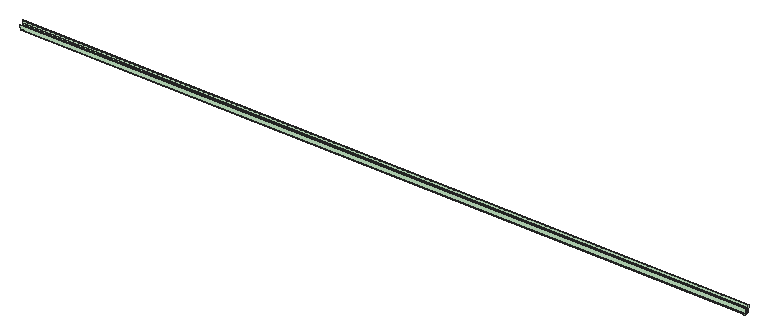
Revit family "slimrunner", category 機械設備, Revit 2022
Family settings
  丸型コネクタ寸法 = 直径を使用
  種別 = なし
  パーツ タイプ = 標準
  作業面ベース = いいえ
  常に垂直 = はい
  ロード時にボイドで切り取り = いいえ
  注釈の向きを維持 = いいえ
  共有 = いいえ
  部屋計算ポイント = いいえ
Parameters
  製造元 = "株式会社桐井製作所"
  既定の高さ = 0 mm
  URL = "https://www.kirii.co.jp/"
  K_長さ(mm) [instance] = 3000 mm
  K_外形寸法(mm) = "W13.5×H30×20×0.6"
  K_品名 = "スリムランナー"
  K_名称 = "カビノン工法部材"
  K_バージョン情報 = "20211012"
Reference planes
  plane 1 "中心(正面/背面)": y = 0
  plane 2: z = 0
  plane 3 "中心(左/右)": x = 0
  plane 4: x = 3000
  plane 5: y = -26
  plane 6: y = 26
Forms (mm)
  Extrusion 1, solid
    sketch origin (0, 0, 0) x (0, 1, 0) y (0, 0, 1)
      loop
        line (-6.293, 20.003) -> (-6.893, 20.602) -> (-6.892, 1.203)
        arc (-6.892, 1.203) -> (-6.551, 0.365) -> (-5.722, 0.003) r 1.2
        line (-5.722, 0.003) -> (5.437, 0.003)
        arc (5.437, 0.003) -> (6.306, 0.407) -> (6.602, 1.318) r 1.2
        line (6.602, 1.318) -> (5.315, 14.943) -> (6.807, 19.915) -> (6.807, 30.604) -> (6.206, 30.003) -> (6.207, 20.003) -> (4.707, 15.003) -> (6.005, 1.259)
        arc (6.005, 1.259) -> (5.858, 0.806) -> (5.428, 0.603) r 0.6
        line (5.428, 0.603) -> (-5.713, 0.603)
        arc (-5.713, 0.603) -> (-6.124, 0.786) -> (-6.293, 1.203) r 0.6
        line (-6.293, 1.203) -> (-6.293, 20.003)
    from 0 to 3000
Dimensions and locks
  "K_長さ(mm)": plane 3 "中心(左/右)" to plane 4
  aligned and locked: level to plane 2
  aligned and locked: plane 4 to Extrusion 1
  aligned and locked: Extrusion 1 to plane 4  (x2)
Automatic sketch dimensions
  Extrusion 1 sketch curve to Extrusion 1 sketch curve = 0 mm  (x6)
  plane 1 "中心(正面/背面)" to Extrusion 1 sketch curve = 6.893 mm
  Extrusion 1 sketch curve to Extrusion 1 sketch curve = 0.599 mm  (x2)
  level to Extrusion 1 sketch curve = 1.203 mm  (x2)
  Extrusion 1 sketch curve to Extrusion 1 sketch curve = 0.6 mm  (x4)
  level to Extrusion 1 sketch curve = 0.003 mm
  Extrusion 1 sketch curve to Extrusion 1 sketch curve = 0.571 mm
  Extrusion 1 sketch curve to Extrusion 1 sketch curve = 0.009 mm  (x2)
  Extrusion 1 sketch curve to Extrusion 1 sketch curve = 0.021 mm  (x2)
  Extrusion 1 sketch curve to plane 1 "中心(正面/背面)" = 4.707 mm
  Extrusion 1 sketch curve to Extrusion 1 sketch curve = 0.608 mm
  Extrusion 1 sketch curve to plane 1 "中心(正面/背面)" = 5.408 mm
  level to Extrusion 1 sketch curve = 1.259 mm
  Extrusion 1 sketch curve to Extrusion 1 sketch curve = 0.598 mm
  Extrusion 1 sketch curve to plane 1 "中心(正面/背面)" = 6.206 mm
  Extrusion 1 sketch curve to Extrusion 1 sketch curve = 0.891 mm
  level to Extrusion 1 sketch curve = 1.318 mm
  Extrusion 1 sketch curve to Extrusion 1 sketch curve = 13.625 mm
  Extrusion 1 sketch curve to Extrusion 1 sketch curve = 0.06 mm
  Extrusion 1 sketch curve to Extrusion 1 sketch curve = 4.972 mm
  Extrusion 1 sketch curve to Extrusion 1 sketch curve = 5 mm
  Extrusion 1 sketch curve to Extrusion 1 sketch curve = 0.088 mm
  Extrusion 1 sketch curve to Extrusion 1 sketch curve = 10 mm
